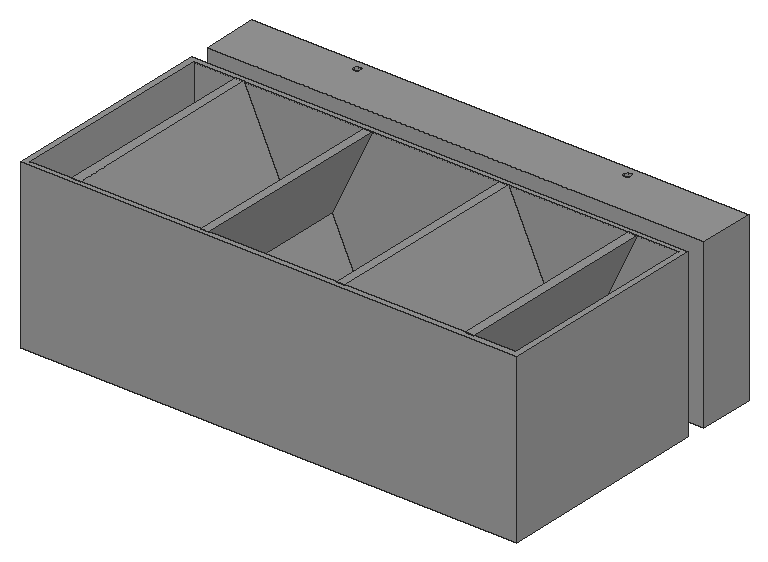
Revit family "LED BOLT 02_LZ645A2WW", category Luminarias, Revit 2019
Family settings
  Cota de conector redondo = Diámetro de uso
  Tipo de pieza = Normal
  Se basa en plano de trabajo = Sí
  Siempre vertical = No
  Corte con vacíos al cargar = No
  Origen de luz = Sí
  Compartido = No
  Punto de cálculo de habitación = No
Parameters (values of type "LED BOLT 02_LZ645A2WW")
  Ángulo de inclinación = 60.00°
  Ángulo de enfoque = 30.00°
  Ángulo de campo de foco = 30.00°
  Zone [instance] = ""
  Watt per fixture = 7
  Wattage = 7 W
  built-in parameter 1150107 = 3000 (stored number, unit not read)
  built-in parameter 1150110 = 1 (stored number, unit not read)
  built-in parameter 1150109 = 1 (stored number, unit not read)
  built-in parameter 1150112 = 1 (stored number, unit not read)
  built-in parameter 1150113 = 1 (stored number, unit not read)
  built-in parameter 1114218 = 1 (stored number, unit not read)
  Keynote = ""
  built-in parameter 1150137 = (empty or 0)
  built-in parameter 1150132 = (empty or 0)
  Modelo = "LZ645A2WW"
  Lámpara = "CITIZEN"
  Longitud de símbolo de origen de luz = 500 mm
  built-in parameter 1150105 = 1497.9 (stored number, unit not read)
  built-in parameter 1150102 = (empty or 0)
  built-in parameter 1150106 = 14.979 (stored number, unit not read)
  Lumens = 448 lm
  Color Filter = 16777215
  built-in parameter 1114217 = 1 (stored number, unit not read)
  built-in parameter 1150139 = (empty or 0)
  Fabricante = "BRILLANT"
  Default Elevation = 0 mm
  built-in parameter 1150104 = 5.9458 (stored number, unit not read)
  Descripción = "LUMINARIA DIRIGIBLE TIPO ARBOTANTE, DE ALUMINIO CUBIERTO DE POLVO BLANCOY PESO DE 0.48KG, CON UN TIPO DE LED CITIZEN Y UNA POTENCIA DE 4W, 270 LUMENES, TEMPERATURA EN BLANCO CALIDO 3000K, IRC 80, IP 54, CORRIENTE DE OPERACIÓN 30mA, CABLE DE 8CM, ALIMENTADO A 90-240VAC"
  built-in parameter 1150115 = 1 (stored number, unit not read)
  built-in parameter 1150114 = 1 (stored number, unit not read)
  Comentarios de vataje = "90-240V"
  built-in parameter 1150138 = (empty or 0)
  built-in parameter 1150134 = (empty or 0)
  Circuit [instance] = ""
  Dimming Lamp Color Temperature Shift = (empty or 0)
  built-in parameter 1150133 = 10 (stored number, unit not read)
Reference planes
  plane 1 "Centro (Frontal/Posterior)": y = 0
  plane 2: z = 0
  plane 3 "Centro (Izquierda/Derecha)": x = 0
Forms (mm)
  Extrusion 1, solid, material "Acabado Blanco"
    sketch origin (-272.5, 14.472, 0) x (1, 0, 0) y (0, 1, 0)
      loop
        line (182.5, -34.472) -> (362.5, -34.472) -> (362.5, -14.472) -> (182.5, -14.472) -> (182.5, -34.472)
    from 60.272 to 0
  Revolve 2, solid, material "Cristal", not visible
    sketch origin (-152, 0, 0) x (0, 1, 0) y (0, 0, -1)
      loop
        line (0, -8.749) -> (0, -7.25) -> (-1.499, -7.25)
        arc (-1.499, -7.25) -> (-1.06, -8.31) -> (0, -8.749) r 1.499
      axis (0, -7.25) -> (-1.499, -7.25)
    angle from 0 to 360
  Revolve 3, solid, material "Cristal", not visible
    sketch origin (-136, 0, 0) x (0, 1, 0) y (0, 0, -1)
      loop
        line (0, -8.749) -> (0, -7.25) -> (-1.499, -7.25)
        arc (-1.499, -7.25) -> (-1.06, -8.31) -> (0, -8.749) r 1.499
      axis (0, -7.25) -> (-1.499, -7.25)
    angle from 0 to 360
  Revolve 4, solid, material "Cristal", not visible
    sketch origin (-120, 0, 0) x (0, 1, 0) y (0, 0, -1)
      loop
        line (0, -8.749) -> (0, -7.25) -> (-1.499, -7.25)
        arc (-1.499, -7.25) -> (-1.06, -8.31) -> (0, -8.749) r 1.499
      axis (0, -7.25) -> (-1.499, -7.25)
    angle from 0 to 360
  Revolve 5, solid, material "Cristal", not visible
    sketch origin (-104, 0, 0) x (0, 1, 0) y (0, 0, -1)
      loop
        line (0, -8.749) -> (0, -7.25) -> (-1.499, -7.25)
        arc (-1.499, -7.25) -> (-1.06, -8.31) -> (0, -8.749) r 1.499
      axis (0, -7.25) -> (-1.499, -7.25)
    angle from 0 to 360
  Revolve 6, solid, material "Cristal", not visible
    sketch origin (-88, 0, 0) x (0, 1, 0) y (0, 0, -1)
      loop
        line (0, -8.749) -> (0, -7.25) -> (-1.499, -7.25)
        arc (-1.499, -7.25) -> (-1.06, -8.31) -> (0, -8.749) r 1.499
      axis (0, -7.25) -> (-1.499, -7.25)
    angle from 0 to 360
  Revolve 7, solid, material "Cristal", not visible
    sketch origin (-72, 0, 0) x (0, 1, 0) y (0, 0, -1)
      loop
        line (0, -8.749) -> (0, -7.25) -> (-1.499, -7.25)
        arc (-1.499, -7.25) -> (-1.06, -8.31) -> (0, -8.749) r 1.499
      axis (0, -7.25) -> (-1.499, -7.25)
    angle from 0 to 360
  Revolve 8, solid, material "Cristal", not visible
    sketch origin (-56, 0, 0) x (0, 1, 0) y (0, 0, -1)
      loop
        line (0, -8.749) -> (0, -7.25) -> (-1.499, -7.25)
        arc (-1.499, -7.25) -> (-1.06, -8.31) -> (0, -8.749) r 1.499
      axis (0, -7.25) -> (-1.499, -7.25)
    angle from 0 to 360
  Revolve 9, solid, material "Cristal", not visible
    sketch origin (-40, 0, 0) x (0, 1, 0) y (0, 0, -1)
      loop
        line (0, -8.749) -> (0, -7.25) -> (-1.499, -7.25)
        arc (-1.499, -7.25) -> (-1.06, -8.31) -> (0, -8.749) r 1.499
      axis (0, -7.25) -> (-1.499, -7.25)
    angle from 0 to 360
  Revolve 10, solid, material "Cristal", not visible
    sketch origin (-24, 0, 0) x (0, 1, 0) y (0, 0, -1)
      loop
        line (0, -8.749) -> (0, -7.25) -> (-1.499, -7.25)
        arc (-1.499, -7.25) -> (-1.06, -8.31) -> (0, -8.749) r 1.499
      axis (0, -7.25) -> (-1.499, -7.25)
    angle from 0 to 360
  Revolve 11, solid, material "Cristal", not visible
    sketch origin (-8, 0, 0) x (0, 1, 0) y (0, 0, -1)
      loop
        line (0, -8.749) -> (0, -7.25) -> (-1.499, -7.25)
        arc (-1.499, -7.25) -> (-1.06, -8.31) -> (0, -8.749) r 1.499
      axis (0, -7.25) -> (-1.499, -7.25)
    angle from 0 to 360
  Revolve 12, solid, material "Cristal", not visible
    sketch origin (8, 0, 0) x (0, 1, 0) y (0, 0, -1)
      loop
        line (0, -8.749) -> (0, -7.25) -> (-1.499, -7.25)
        arc (-1.499, -7.25) -> (-1.06, -8.31) -> (0, -8.749) r 1.499
      axis (0, -7.25) -> (-1.499, -7.25)
    angle from 0 to 360
  Revolve 13, solid, material "Cristal", not visible
    sketch origin (24, 0, 0) x (0, 1, 0) y (0, 0, -1)
      loop
        line (0, -8.749) -> (0, -7.25) -> (-1.499, -7.25)
        arc (-1.499, -7.25) -> (-1.06, -8.31) -> (0, -8.749) r 1.499
      axis (0, -7.25) -> (-1.499, -7.25)
    angle from 0 to 360
  Revolve 14, solid, material "Cristal", not visible
    sketch origin (40, 0, 0) x (0, 1, 0) y (0, 0, -1)
      loop
        line (0, -8.749) -> (0, -7.25) -> (-1.499, -7.25)
        arc (-1.499, -7.25) -> (-1.06, -8.31) -> (0, -8.749) r 1.499
      axis (0, -7.25) -> (-1.499, -7.25)
    angle from 0 to 360
  Revolve 15, solid, material "Cristal", not visible
    sketch origin (56, 0, 0) x (0, 1, 0) y (0, 0, -1)
      loop
        line (0, -8.749) -> (0, -7.25) -> (-1.499, -7.25)
        arc (-1.499, -7.25) -> (-1.06, -8.31) -> (0, -8.749) r 1.499
      axis (0, -7.25) -> (-1.499, -7.25)
    angle from 0 to 360
  Revolve 16, solid, material "Cristal", not visible
    sketch origin (72, 0, 0) x (0, 1, 0) y (0, 0, -1)
      loop
        line (0, -8.749) -> (0, -7.25) -> (-1.499, -7.25)
        arc (-1.499, -7.25) -> (-1.06, -8.31) -> (0, -8.749) r 1.499
      axis (0, -7.25) -> (-1.499, -7.25)
    angle from 0 to 360
  Revolve 17, solid, material "Cristal", not visible
    sketch origin (88, 0, 0) x (0, 1, 0) y (0, 0, -1)
      loop
        line (0, -8.749) -> (0, -7.25) -> (-1.499, -7.25)
        arc (-1.499, -7.25) -> (-1.06, -8.31) -> (0, -8.749) r 1.499
      axis (0, -7.25) -> (-1.499, -7.25)
    angle from 0 to 360
  Revolve 18, solid, material "Cristal", not visible
    sketch origin (104, 0, 0) x (0, 1, 0) y (0, 0, -1)
      loop
        line (0, -8.749) -> (0, -7.25) -> (-1.499, -7.25)
        arc (-1.499, -7.25) -> (-1.06, -8.31) -> (0, -8.749) r 1.499
      axis (0, -7.25) -> (-1.499, -7.25)
    angle from 0 to 360
  Revolve 19, solid, material "Cristal", not visible
    sketch origin (120, 0, 0) x (0, 1, 0) y (0, 0, -1)
      loop
        line (0, -8.749) -> (0, -7.25) -> (-1.499, -7.25)
        arc (-1.499, -7.25) -> (-1.06, -8.31) -> (0, -8.749) r 1.499
      axis (0, -7.25) -> (-1.499, -7.25)
    angle from 0 to 360
  Revolve 20, solid, material "Cristal", not visible
    sketch origin (136, 0, 0) x (0, 1, 0) y (0, 0, -1)
      loop
        line (0, -8.749) -> (0, -7.25) -> (-1.499, -7.25)
        arc (-1.499, -7.25) -> (-1.06, -8.31) -> (0, -8.749) r 1.499
      axis (0, -7.25) -> (-1.499, -7.25)
    angle from 0 to 360
  Revolve 21, solid, material "Cristal", not visible
    sketch origin (152, 0, 0) x (0, 1, 0) y (0, 0, -1)
      loop
        line (0, -8.749) -> (0, -7.25) -> (-1.499, -7.25)
        arc (-1.499, -7.25) -> (-1.06, -8.31) -> (0, -8.749) r 1.499
      axis (0, -7.25) -> (-1.499, -7.25)
    angle from 0 to 360
  Extrusion 22, solid, material "Acabado Blanco"
    sketch origin (0, 0, 0) x (1, 0, 0) y (0, 1, 0)
      loop
        line (-90, -27.274) -> (-90, -105) -> (90, -105) -> (90, -27.274) -> (-90, -27.274)
      loop
        line (-88, -28.978) -> (-88, -103) -> (88, -103) -> (88, -28.978) -> (-88, -28.978)
    from 0 to 60.272
  Extrusion 23, solid, material "Acabado Blanco"
    sketch origin (0, 0, 0) x (1, 0, 0) y (0, 0, 1)
      loop
        line (-58.11, 28.763) -> (-71.522, 0) -> (-68.522, 0) -> (-55.11, 28.763) -> (-40.844, 28.763) -> (-27.431, 0) -> (-24.431, 0) -> (-37.844, 28.763) -> (-23.151, 60.272) -> (-26.151, 60.272) -> (-39.563, 31.509) -> (-56.39, 31.509) -> (-69.802, 60.272) -> (-72.802, 60.272) -> (-58.11, 28.763)
      loop
        line (58.11, 28.763) -> (72.802, 60.272) -> (69.802, 60.272) -> (56.39, 31.509) -> (39.563, 31.509) -> (26.151, 60.272) -> (23.151, 60.272) -> (37.844, 28.763) -> (24.431, 0) -> (27.431, 0) -> (40.844, 28.763) -> (55.11, 28.763) -> (68.522, 0) -> (71.522, 0) -> (58.11, 28.763)
    from 28.978 to 103
  Extrusion 24, solid, material "Acabado Blanco"
    sketch origin (0, 0, 0) x (1, 0, 0) y (0, 1, 0)
      loop
        line (-37.731, -27.274) -> (-37.731, -20) -> (-58.244, -20) -> (-58.244, -27.274) -> (-37.731, -27.274)
      loop
        line (37.765, -27.274) -> (58.278, -27.274) -> (58.278, -20) -> (37.765, -20) -> (37.765, -27.274)
    from 21.256 to 38.876
  Extrusion 25, void
    sketch origin (0, 0, 0) x (1, 0, 0) y (0, 1, 0)
      loop
        circle (-49.073, -3.565) r 1.286
      loop
        circle (49.073, -3.565) r 1.286
    from 59.52 to 60.272
  Extrusion 26, void
    sketch origin (0, 0, 60.272) x (0, -1, 0) y (1, 0, 0)
      loop
        circle (3.565, -49.073) r 1.286
      loop
        circle (3.565, 49.073) r 1.286
    from -60.272 to -59.687
Cuts and joins
  Extrusion 25, Extrusion 26 cuts Extrusion 1
Dimensions and locks
  Extrusion 1 to Extrusion 1 = 180 mm
  Extrusion 1 to Extrusion 1 = 20 mm
  Extrusion 1 to Extrusion 1 = 60.272 mm
  Extrusion 1 to Extrusion 22 = 105 mm
  Extrusion 1 sketch curve to plane 3 "Centro (Izquierda/Derecha)" = 90 mm
  equal spacing: Extrusion 1 sketch curve, plane 3 "Centro (Izquierda/Derecha)", Extrusion 1 sketch curve
  equal spacing: Extrusion 22 sketch curve, plane 3 "Centro (Izquierda/Derecha)", Extrusion 22 sketch curve
  Extrusion 22 sketch curve to plane 3 "Centro (Izquierda/Derecha)" = 90 mm
  aligned and locked: level to plane 2
  aligned and locked: Extrusion 22 to Extrusion 1
  aligned and locked: Extrusion 23 to Extrusion 22
Connectors
  electrical at (0, 0, 30.136)
    settings: on Extrusion 1, index 1, voltage 240 V, apparent load 0 VA, apparent load phase1 0 VA, apparent load phase2 0 VA, apparent load phase3 0 VA, power factor 1, load classification "Otro", number of poles 1, system type 31, power factor state 1, is connector primary yes, connector utility no, sub classification motor no, connector description ""
